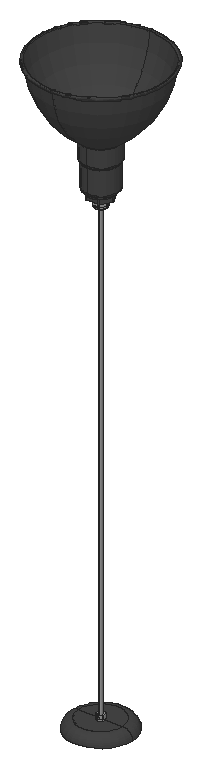
Revit family "BLE-C-VDBW-E26", category Lighting Fixtures, host Face, Revit 2022 (continued)
Definition of nested family "E26 Bulb"
  Forms (in)
    Revolve 2, solid, material <- "Bulb Material"
      sketch origin (0, 0, 0) x (1, 0, 0) y (0, 0, 1)
        loop
          line (0.95199, 1.10065) -> (0.83348, 0.92265)
          arc (0.83348, 0.92265) -> (0.71675, 0.69877) -> (0.6501, 0.45524) r 1.18505
          line (0.6501, 0.45524) -> (0.61095, 0.21328)
          arc (0.61095, 0.21328) -> (0.57321, 0.11471) -> (0.49962, 0.03904) r 0.2619
          line (0.49962, 0.03904) -> (0, 0.03904) -> (0, -0.00002) -> (0.51117, -0.00002)
          arc (0.51117, -0.00002) -> (0.60275, 0.08852) -> (0.6495, 0.207) r 0.30097
        axis (0, 2.913) -> (0, -0.00002)
      angle from 0 to 360
  Dimensions and locks (in)
    aligned and locked: plane 2 to Extrusion 1
    aligned and locked: plane 3 "Center (Left/Right)" to Revolve 2 sketch curve
    aligned and locked: Revolve 2 sketch curve to plane 3 "Center (Left/Right)"
  Automatic sketch dimensions
    Extrusion 1 sketch curve to Extrusion 1 sketch curve = 8' - 0"  (x2)
    Revolve 2 sketch curve to Revolve 2 sketch curve = 0' - 0"  (x7)
    Revolve 2 sketch curve to plane 3 "Center (Left/Right)" = 0' - 0"
    plane 3 "Center (Left/Right)" to Revolve 2 sketch curve = 0' - 0.00246"
    Revolve 2 sketch curve to level = 0' - 0"
    Revolve 2 sketch curve to Revolve 2 sketch curve = 0' - 0.03252"
    Revolve 2 sketch curve to Revolve 2 sketch curve = 0' - 0.45527"
    Revolve 2 sketch curve to Revolve 2 sketch curve = 0' - 3.34544"
    Revolve 2 sketch curve to Revolve 2 sketch curve = 0' - 0.25844"
    plane 3 "Center (Left/Right)" to Revolve 2 sketch curve = 0' - 0.3525"
    level to Revolve 2 sketch curve = 0' - 0 5/128"
    Revolve 2 sketch curve to Revolve 2 sketch curve = 0' - 0.11133"
    Revolve 2 sketch curve to Revolve 2 sketch curve = 0' - 0.01155"
    level to Revolve 2 sketch curve = 0' - 0.207"
    Revolve 2 sketch curve to Revolve 2 sketch curve = 0' - 0.03855"
    Revolve 2 sketch curve to Revolve 2 sketch curve = 0' - 0.03915"
    level to Revolve 2 sketch curve = 0' - 0.449"
    Revolve 2 sketch curve to Revolve 2 sketch curve = 0' - 0.03856"
    Revolve 2 sketch curve to Revolve 2 sketch curve = 0' - 0.14482"
    Revolve 2 sketch curve to Revolve 2 sketch curve = 0' - 0.1185"
    Revolve 2 sketch curve to Revolve 2 sketch curve = 0' - 0.03251"
    level to Revolve 2 sketch curve = 0' - 0.26594"
    Revolve 2 sketch curve to Revolve 2 sketch curve = 0' - 0.00624"
    Revolve 2 sketch curve to Revolve 2 sketch curve = 0' - 0.02165"
    Revolve 2 sketch curve to Revolve 2 sketch curve = 0' - 0.63243"
Types (7): name | Heat Sink | 24" | 20" | 16" | 14" | 12" | 10"
  (no name) | 0' - 3 13/128" | no | no | no | no | no | yes
  10" | 0' - 3 13/128" | no | no | no | no | no | yes
  12" | 0' - 3 1/2" | no | no | no | no | yes | no
  14" | 0' - 3 51/128" | no | no | no | yes | no | no
  16" | 0' - 3 51/128" | no | no | yes | no | no | no
  20" | 0' - 3 51/128" | no | yes | no | no | no | no
  24" | 0' - 3 51/128" | yes | no | no | no | no | no
